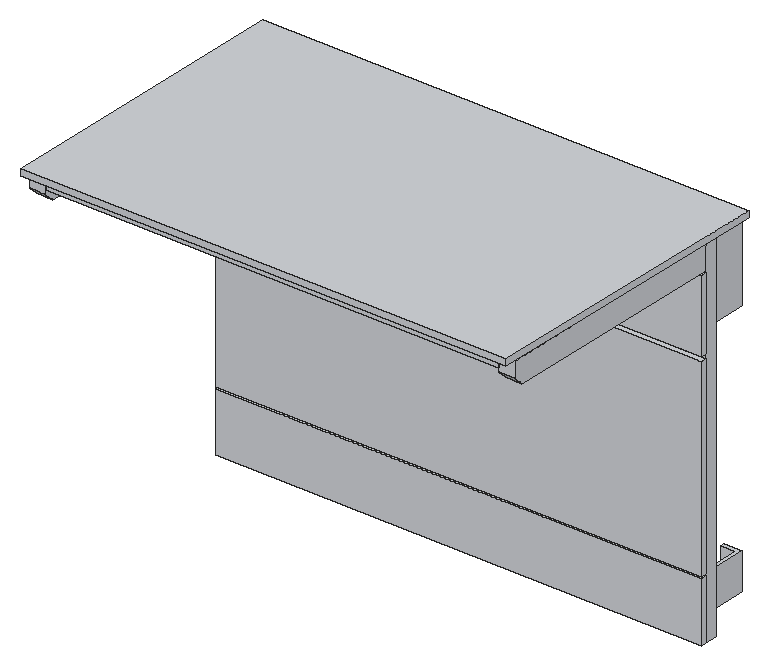
Revit family "BENCH_CANTILEVER", category Furniture, Revit 2021
Family settings
  OmniClass Number = 23.40.20.00
  OmniClass Title = General Furniture and Specialties
  Work Plane-Based = No
  Always vertical = Yes
  Cut with Voids When Loaded = No
  Shared = No
  Room Calculation Point = No
Parameters (values of type "CNB-12759")
  midleg = if(Length > 1500 mm, 1 = 1, 1 = 0)  # no
  depth = 750 mm
  XL_WORKTOP = no
  Worktop_thickness [instance] = 16 mm
  WT_9-75_XL = and(Length = 900 mm, (XL_WORKTOP))  # no
  WT_9-75 = and(Length = 900 mm, not(XL_WORKTOP))  # no
  WT_6-75_XL = and(Length = 600 mm, (XL_WORKTOP))  # no
  WT_6-75 = and(Length = 600 mm, not(XL_WORKTOP))  # no
  WT_15-75_XL = and(Length = 1500 mm, (XL_WORKTOP))  # no
  WT_15-75 = and(Length = 1500 mm, not(XL_WORKTOP))  # no
  WT_12-75_XL = and(Length = 1200 mm, (XL_WORKTOP))  # no
  WT_12-75 = and(Length = 1200 mm, not(XL_WORKTOP))  # yes
  URL = "https://ibr-innovasystem.com/PRODUCTS/BENCHCANTILEVER"
  Manufacturer = "IBR InnovaSystem"
  Length = 1200 mm
  LOW_TAG = if(HEIGHT < 900 mm, 1 = 1, 1 = 0)  # no
  HEIGHT = 900 mm
  FULL_WT = yes
  Description = "Cantilever Bench 1200x750x900"
  Default Elevation = 0 mm
  COVER RIGHT [instance] = no
  ASSEMBLY_ID [instance] = ""
  COVER LEFT [instance] = no
Types (12, lengths in mm): name | depth | WT_9-75 | WT_6-75 | WT_12-75 | URL | Length | LOW_TAG | HEIGHT | Description
  CNB-12759 | 750 | no | no | yes | "https://ibr-innovasystem.com/PRODUCTS/BENCHCANTILEVER" | 1200 | no | 900 | "Cantilever Bench 1200x750x900"
  CNB-12609 | 600 | no | no | yes | "https://ibr-innovasystem.com/PRODUCTS/BENCHCANTILEVER" | 1200 | no | 900 | "Cantilever Bench 1200x600x900"
  CNB-12757 | 750 | no | no | yes | "https://ibr-innovasystem.com/PRODUCTS/BENCHCANTILEVER" | 1200 | yes | 750 | "Cantilever Bench 1200x750x750"
  CNB-12607 | 600 | no | no | yes | "https://ibr-innovasystem.com/PRODUCTS/BENCHCANTILEVER" | 1200 | yes | 750 | "Cantilever Bench 1200x600x750"
  CNB-09759 | 750 | yes | no | no | "https://ibr-innovasystem.com/PRODUCTS/BENCHCANTILEVER" | 900 | no | 900 | "Cantilever Bench 900x750x900"
  CNB-09609 | 600 | yes | no | no | "https://ibr-innovasystem.com/PRODUCTS/BENCHCANTILEVER" | 900 | no | 900 | "Cantilever Bench 900x600x900"
  CNB-09757 | 750 | yes | no | no | "https://ibr-innovasystem.com/PRODUCTS/BENCHCANTILEVER" | 900 | yes | 750 | "Cantilever Bench 900x750x750"
  CNB-09607 | 600 | yes | no | no | "https://ibr-innovasystem.com/PRODUCTS/BENCHCANTILEVER" | 900 | yes | 750 | "Cantilever Bench 900x600x750"
  CNB-06759 | 750 | no | yes | no | "https://ibr-innovasystem.com/PRODUCTS/BENCHCANTILEVER" | 600 | no | 900 | "Cantilever Bench 600x750x900"
  CNB-06609 | 600 | no | yes | no | "https://ibr-innovasystem.com/PRODUCTS/BENCHCANTILEVER" | 600 | no | 900 | "Cantilever Bench 600x600x900"
  CNB-06757 | 750 | no | yes | no | "https://ibr-innovasystem.com/PRODUCTS/BENCHCANTILEVER" | 600 | yes | 750 | "Cantilever Bench 600x750x750"
  CNB-06607 | 600 | no | yes | no | "https://ibr-innovasystem.com/PRODUCTS/BENCHCANTILEVER\r\nhttps://ibr-innovasystem.com/PRODUCTS/BENCHCANTILEVER" | 600 | yes | 750 | "Cantilever Bench 600x600x750"
Reference planes
  plane 1 "Centro (Frontal/Posterior)": y = 0
  plane 2: z = 0
  plane 3 "Centro (Izquierda/Derecha)": x = 0
  plane 4: x = -600
  plane 5: x = 600
  plane 6: y = -375
  plane 7: y = -750
  plane 8: y = -100
  plane 9: y = -720
  plane 10: z = 884
  plane 11: z = 854
  plane 12: z = 900
  plane 13: x = -300
  plane 14: x = -570
  plane 15: x = 570
  plane 16: x = 540
  plane 17: x = -540
  plane 18: y = -130
  plane 19: x = 560
  plane 20: x = -560
  plane 21: z = 634
  plane 22: z = 150
  plane 23: y = -145
  plane 24: z = 684
  plane 25: z = 50
  plane 26: z = 140
Forms (mm)
  Extrusion 1, solid
    sketch origin (0, 0, 0) x (1, 0, 0) y (0, 1, 0)
      loop
        line (-540, -100) -> (-540, -130) -> (540, -130) -> (540, -100) -> (-540, -100)
      loop
        line (-560, -720) -> (560, -720) -> (560, -680) -> (-560, -680) -> (-560, -720)
    from 854 to 884
  Extrusion 2, solid, visible <- "FULL_WT"
    sketch origin (0, 0, 0) x (1, 0, 0) y (0, 1, 0)
      loop
        line (-600, 0) -> (-600, -750) -> (600, -750) -> (600, 0) -> (-600, 0)
    from 884 to 900
  Extrusion 3, solid
    sketch origin (0, 0, 0) x (1, 0, 0) y (0, 0, 1)
      loop
        line (-600, 884) -> (-600, 0) -> (-540, 0) -> (-540, 604) -> (540, 604) -> (540, 0) -> (600, 0) -> (600, 884) -> (540, 884) -> (540, 664) -> (-540, 664) -> (-540, 884) -> (-600, 884)
    from 100 to 130
  Extrusion 4, solid
    sketch origin (0, 0, 0) x (0, 1, 0) y (0, 0, 1)
      loop
        line (-130, 884) -> (-720, 884) -> (-720, 844) -> (-700, 824) -> (-130, 824) -> (-130, 884)
    from -600 to -560
  Extrusion 5, solid
    sketch origin (0, 0, 0) x (0, 1, 0) y (0, 0, 1)
      loop
        line (-130, 824) -> (-130, 884) -> (-720, 884) -> (-720, 844) -> (-700, 824) -> (-130, 824)
    from 560 to 600
  Extrusion 6, solid
    sketch origin (0, 0, 0) x (1, 0, 0) y (0, 0, 1)
      loop
        line (-600, 639) -> (600, 639) -> (600, 819) -> (555, 819) -> (555, 879) -> (-555, 879) -> (-555, 819) -> (-600, 819) -> (-600, 639)
      loop
        line (-600, 629) -> (-600, 152) -> (600, 152) -> (600, 629) -> (-600, 629)
      loop
        line (-600, 0) -> (600, 0) -> (600, 148) -> (-600, 148) -> (-600, 0)
    from 130 to 145
  Extrusion 7, solid
    sketch origin (0, 0, 0) x (1, 0, 0) y (0, 1, 0)
      loop
        line (-585, -100) -> (-575, -100) -> (-575, -10) -> (-540, -10) -> (-540, 0) -> (-585, 0) -> (-585, -100)
      loop
        line (585, -100) -> (585, 0) -> (540, 0) -> (540, -10) -> (575, -10) -> (575, -100) -> (585, -100)
    from 684 to 884
  Extrusion 8, solid
    sketch origin (0, 0, 0) x (1, 0, 0) y (0, 1, 0)
      loop
        line (-540, 0) -> (-585, 0) -> (-585, -100) -> (-575, -100) -> (-575, -10) -> (-540, -10) -> (-540, 0)
      loop
        line (540, 0) -> (540, -10) -> (575, -10) -> (575, -100) -> (585, -100) -> (585, 0) -> (540, 0)
    from 50 to 140
  Extrusion 9, solid, visible <- "COVER LEFT"
    sketch origin (0, 0, 0) x (1, 0, 0) y (0, 1, 0)
      loop
        line (-600, 0) -> (-600, -100) -> (-585, -100) -> (-585, 0) -> (-600, 0)
    from 0 to 884
  Extrusion 10, solid, visible <- "COVER RIGHT"
    sketch origin (40, 0, 0) x (-1, 0, 0) y (0, -1, 0)
      loop
        line (-560, 0) -> (-545, 0) -> (-545, 100) -> (-560, 100) -> (-560, 0)
    from 0 to 884
Lines and regions (mm)
  symbolic lines, style "Furniture"
    curve 1: line (-600, -750, 0) -> (-600, 0, 0)
    curve 2: line (600, 0, 0) -> (-600, 0, 0)
    curve 3: line (600, -750, 0) -> (600, 0, 0)
    curve 4: line (-600, -750, 0) -> (600, -750, 0)
  symbolic lines, style "FurnitureHiddenLines"
    curve 5: line (600, -100, 0) -> (-600, -100, 0)
    curve 6: line (560, -100, 0) -> (560, -720, 0)
    curve 7: line (-560, -100, 0) -> (-560, -720, 0)
Dimensions and locks
  equal spacing: plane 4, plane 3 "Centro (Izquierda/Derecha)", plane 5
  "Length": plane 4 to plane 5
  equal spacing: plane 7, plane 6, plane 1 "Centro (Frontal/Posterior)"
  "depth": plane 1 "Centro (Frontal/Posterior)" to plane 7
  locked: plane 1 "Centro (Frontal/Posterior)" to plane 8 at 100
  locked: plane 9 to plane 7 at 30
  Extrusion 1 sketch curve to plane 8 = 30 mm
  locked: Extrusion 1 sketch curve to plane 9 at 40
  "Worktop_thickness": plane 12 to plane 10
  "HEIGHT": plane 12 to plane 2
  locked: plane 10 to plane 11 at 30
  locked: Extrusion 3 sketch curve to Extrusion 3 sketch curve at 60  (x2)
  locked: plane 5 to Extrusion 3 sketch curve at 60
  locked: plane 11 to Extrusion 3 sketch curve at 250
  locked: plane 4 to plane 13 at 300
  locked: plane 14 to plane 4 at 30
  locked: plane 5 to plane 15 at 30
  locked: plane 16 to plane 5 at 60
  locked: plane 4 to plane 17 at 60
  locked: plane 19 to plane 5 at 40
  locked: plane 4 to plane 20 at 40
  locked: Extrusion 4 sketch curve to plane 9 at 20
  plane 10 to plane 21 = 250 mm
  plane 22 to level = 150 mm
  locked: plane 22 to Extrusion 6 sketch curve at 2
  locked: Extrusion 6 sketch curve to plane 22 at 2
  locked: plane 21 to Extrusion 6 sketch curve at 5
  locked: Extrusion 6 sketch curve to plane 21 at 5
  locked: plane 10 to Extrusion 6 sketch curve at 5
  locked: Extrusion 6 sketch curve to plane 20 at 5
  locked: plane 11 to Extrusion 6 sketch curve at 35  (x2)
  locked: plane 19 to Extrusion 6 sketch curve at 5
  plane 23 to plane 18 = 15 mm
  locked: plane 4 to Extrusion 7 sketch curve at 15
  locked: Extrusion 7 sketch curve to plane 1 "Centro (Frontal/Posterior)" at 10  (x2)
  locked: plane 4 to Extrusion 7 sketch curve at 25
  locked: Extrusion 7 sketch curve to plane 5 at 15
  locked: Extrusion 7 sketch curve to plane 5 at 25
  locked: plane 10 to plane 24 at 200
  locked: plane 26 to plane 25 at 90
  locked: plane 25 to plane 2 at 50
  locked: plane 4 to Extrusion 9 sketch curve at 15
  locked: Extrusion 10 sketch curve to plane 5 at 15
  locked: Extrusion 4 sketch curve to Extrusion 4 sketch curve (angle 135.00°)
  aligned and locked: level to plane 2
  aligned and locked: Extrusion 1 sketch curve to plane 8
  aligned and locked: plane 9 to Extrusion 1 sketch curve
  aligned and locked: plane 1 "Centro (Frontal/Posterior)" to Extrusion 2 sketch curve
  aligned and locked: plane 4 to Extrusion 2 sketch curve
  aligned and locked: plane 7 to Extrusion 2 sketch curve
  aligned and locked: Extrusion 2 sketch curve to plane 5
  aligned and locked: plane 12 to Extrusion 2
  aligned and locked: Extrusion 2 to plane 10
  aligned and locked: plane 8 to Extrusion 3
  aligned and locked: nested 1 to plane 13
  aligned and locked: plane 3 "Centro (Izquierda/Derecha)" to nested 2
  aligned and locked: plane 3 "Centro (Izquierda/Derecha)" to nested 3
  aligned and locked: plane 3 "Centro (Izquierda/Derecha)" to nested 4
  aligned and locked: plane 3 "Centro (Izquierda/Derecha)" to nested 5
  aligned and locked: plane 3 "Centro (Izquierda/Derecha)" to nested 7
  aligned and locked: plane 3 "Centro (Izquierda/Derecha)" to nested 8
  aligned and locked: plane 3 "Centro (Izquierda/Derecha)" to nested 9
  aligned and locked: plane 3 "Centro (Izquierda/Derecha)" to nested 6
  aligned and locked: plane 1 "Centro (Frontal/Posterior)" to nested 5
  aligned and locked: plane 1 "Centro (Frontal/Posterior)" to nested 4
  aligned and locked: plane 1 "Centro (Frontal/Posterior)" to nested 3
  aligned and locked: plane 1 "Centro (Frontal/Posterior)" to nested 2
  aligned and locked: plane 1 "Centro (Frontal/Posterior)" to nested 9
  aligned and locked: plane 1 "Centro (Frontal/Posterior)" to nested 8
  aligned and locked: plane 1 "Centro (Frontal/Posterior)" to nested 7
  aligned and locked: plane 1 "Centro (Frontal/Posterior)" to nested 6
  aligned and locked: level to Extrusion 3 sketch curve
  aligned and locked: Extrusion 3 sketch curve to level
  aligned and locked: plane 20 to Extrusion 1
  aligned and locked: plane 16 to Extrusion 1
  aligned and locked: Extrusion 1 to plane 17
  aligned and locked: plane 10 to Extrusion 1
  aligned and locked: Extrusion 1 to plane 11
  aligned and locked: Extrusion 4 to plane 4
  aligned and locked: plane 20 to Extrusion 4
  aligned and locked: Extrusion 5 sketch curve to Extrusion 4  (x5)
  aligned and locked: plane 5 to Extrusion 5
  aligned and locked: Extrusion 5 to plane 19
  aligned and locked: Extrusion 3 sketch curve to plane 10  (x2)
  aligned and locked: plane 5 to Extrusion 6 sketch curve  (x2)
  aligned and locked: plane 4 to Extrusion 6 sketch curve  (x2)
  aligned and locked: Extrusion 6 sketch curve to plane 5
  aligned and locked: Extrusion 6 to plane 18
  aligned and locked: Extrusion 6 to plane 23
  aligned and locked: plane 17 to Extrusion 7 sketch curve
  aligned and locked: plane 1 "Centro (Frontal/Posterior)" to Extrusion 7 sketch curve
  aligned and locked: plane 8 to Extrusion 7 sketch curve
  aligned and locked: plane 10 to Extrusion 7
  aligned and locked: Extrusion 7 to plane 24
  aligned and locked: Extrusion 8 sketch curve to Extrusion 7  (x12)
  aligned and locked: plane 26 to Extrusion 8
  aligned and locked: Extrusion 8 to plane 25
  aligned and locked: plane 17 to nested 10
  aligned and locked: plane 8 to Extrusion 9 sketch curve
  aligned and locked: plane 10 to Extrusion 9
  aligned and locked: Extrusion 9 to level
  aligned and locked: Extrusion 10 to plane 1 "Centro (Frontal/Posterior)"
  aligned and locked: Extrusion 10 to plane 8
  aligned and locked: plane 5 to Extrusion 10
  aligned and locked: plane 10 to Extrusion 10
  aligned and locked: plane 16 to nested 11
Automatic sketch dimensions
  Extrusion 1 sketch curve to plane 20 = 0 mm
  Extrusion 1 sketch curve to plane 17 = 0 mm
  Extrusion 1 sketch curve to plane 16 = 0 mm
  Extrusion 1 sketch curve to plane 19 = 0 mm
  Extrusion 3 sketch curve to plane 4 = 0 mm
  Extrusion 3 sketch curve to plane 17 = 0 mm
  Extrusion 3 sketch curve to plane 16 = 0 mm
  Extrusion 3 sketch curve to plane 5 = 0 mm
  Extrusion 4 sketch curve to plane 9 = 0 mm
  Extrusion 4 sketch curve to plane 10 = 0 mm
  Extrusion 4 sketch curve to plane 18 = 0 mm
  Extrusion 4 sketch curve to plane 11 = 10 mm
  Extrusion 6 sketch curve to plane 4 = 0 mm
  Extrusion 6 sketch curve to level = 0 mm
  Extrusion 7 sketch curve to plane 16 = 0 mm
  Extrusion 7 sketch curve to plane 8 = 0 mm
  plane 1 "Centro (Frontal/Posterior)" to Extrusion 7 sketch curve = 0 mm
  Extrusion 9 sketch curve to plane 4 = 0 mm
  plane 1 "Centro (Frontal/Posterior)" to Extrusion 9 sketch curve = 0 mm
  plane 5 to Extrusion 10 sketch curve = 0 mm
  Extrusion 10 sketch curve to plane 8 = 0 mm
  plane 1 "Centro (Frontal/Posterior)" to Extrusion 10 sketch curve = 0 mm
  plane 1 "Centro (Frontal/Posterior)" to curve 1 = 0 mm
  curve 1 to plane 4 = 0 mm
  curve 7 to plane 9 = 0 mm
  curve 7 to plane 20 = 0 mm
  curve 6 to plane 19 = 0 mm
  curve 3 to plane 5 = 0 mm
  curve 1 to plane 7 = 0 mm
  curve 6 to plane 9 = 0 mm
  curve 7 to plane 8 = 0 mm
Nested families
  nested 1: "CHAIR_TAG" at (-300, -471.301, 0), visible <- "LOW_TAG", type "CHAIR_TAG"
  nested 2: "WT-SERIES" at (0, 0, 0), depth <- "depth", length <- "Length", extra <- "XL_WORKTOP", type "WT-BHLL-0675-Q-01", not visible
    with length 1200 mm, extra no, depth 750 mm
  nested 3: "WT-SERIES" at (0, 0, 0), depth <- "depth", length <- "Length", extra <- "XL_WORKTOP", type "WT-BHLL-0975-Q-01", not visible
    with length 1200 mm, extra no, depth 750 mm
  nested 4: "WT-SERIES" at (0, 0, 0), depth <- "depth", length <- "Length", extra <- "XL_WORKTOP", type "WT-BHLL-1275-Q-01", not visible
    with length 1200 mm, extra no, depth 750 mm
  nested 5: "WT-SERIES" at (0, 0, 0), depth <- "depth", length <- "Length", extra <- "XL_WORKTOP", type "WT-BHLL-1575-Q-01", not visible
    with length 1200 mm, extra no, depth 750 mm
  nested 6: "WT-SERIES" at (0, 0, 0), depth <- "depth", length <- "Length", extra <- "XL_WORKTOP", type "WT-BHLL-1875-Q-01", not visible
    with length 1200 mm, extra no, depth 750 mm
  nested 7: "WT-SERIES" at (0, 0, 0), depth <- "depth", length <- "Length", extra <- "XL_WORKTOP", type "WT-BHLL-0975-Q-01", not visible
    with length 1200 mm, extra no, depth 750 mm
  nested 8: "WT-SERIES" at (0, 0, 0), depth <- "depth", length <- "Length", extra <- "XL_WORKTOP", type "WT-BHLL-1275-Q-01", not visible
    with length 1200 mm, extra no, depth 750 mm
  nested 9: "WT-SERIES" at (0, 0, 0), depth <- "depth", length <- "Length", extra <- "XL_WORKTOP", type "WT-BHLL-1575-Q-01", not visible
    with length 1200 mm, extra no, depth 750 mm
  nested 10: "CANTILEVER_SIDE_COVER" at (-580, -15, 0), visible <- "COVER LEFT", ASSEMBLY_ID <- "ASSEMBLY_ID", type "CANTILEVER SIDE COVER"
    with ASSEMBLY_ID ""
  nested 11: "CANTILEVER_SIDE_COVER" at (580, -15, 0) x (-1, 0, 0) z (0, 0, 1), visible <- "COVER RIGHT", ASSEMBLY_ID <- "ASSEMBLY_ID", type "CANTILEVER SIDE COVER"
    with ASSEMBLY_ID ""
Definition of nested family "CHAIR_TAG"
  Parameters (values of type "CHAIR_TAG")
    GAS TEXT = "LOW"
  Reference planes
    plane 1: y = 0
    plane 2: x = 0
  Text (mm)
    label "Xx" at (0.338, 0.689, 0), shows "GAS TEXT"
Definition of nested family "WT-SERIES"
  Parameters (values of type "WT-BHLL-1875-Q-01")
    length [instance] = 1714.076 mm
    extra [instance] = no
    depth [instance] = 840 mm
    Manufacturer = "BenchTech"
    Description = "HPL Chem Res. Worktop for BHLL 1800x750"
    Default Elevation = 0 mm
  Types (5, lengths in mm): name | Description
    WT-BHLL-0675-Q-01 | "HPL Chem Res. Worktop for BHLL 600x750"
    WT-BHLL-0975-Q-01 | "HPL Chem Res. Worktop for BHLL 900x750"
    WT-BHLL-1275-Q-01 | "HPL Chem Res. Worktop for BHLL 1200x750"
    WT-BHLL-1575-Q-01 | "HPL Chem Res. Worktop for BHLL 1500x750"
    WT-BHLL-1875-Q-01 | "HPL Chem Res. Worktop for BHLL 1800x750"
  Reference planes
    plane 1 "Center (Front/Back)": y = 0
    plane 2: z = 0
    plane 3 "Center (Left/Right)": x = 0
    plane 4: x = -857.038
    plane 5: x = 857.038
    plane 6: y = -840
    plane 7: x = 757.038
    plane 8: y = -740
  Lines and regions (mm)
    symbolic lines
      curve 1: line (-842.038, -15, 0) -> (842.038, -15, 0)
      curve 2: line (-842.038, -825, 0) -> (-842.038, -15, 0)
      curve 3: line (842.038, -825, 0) -> (-842.038, -825, 0)
      curve 4: line (842.038, -15, 0) -> (842.038, -825, 0)
    symbolic lines, visible <- "extra"
      curve 5: line (667.038, -740, 0) -> (757.038, -740, 0)
      curve 6: line (757.038, -740, 0) -> (757.038, -639.775, 0)
  Dimensions and locks
    "length": plane 4 to plane 5
    equal spacing: plane 4, plane 3 "Center (Left/Right)", plane 5
    "depth": plane 6 to plane 1 "Center (Front/Back)"
    plane 7 to plane 5 = 100 mm
    plane 8 to plane 6 = 100 mm
    aligned and locked: level to plane 2
  Automatic sketch dimensions
    curve 6 to plane 7 = 0 mm
    plane 4 to curve 2 = 15 mm
    curve 3 to plane 5 = 15 mm
    plane 6 to curve 3 = 15 mm
    plane 1 "Center (Front/Back)" to curve 2 = 15 mm
    curve 5 to plane 8 = 0 mm
    curve 5 to curve 6 = 100.225 mm
    curve 5 to curve 5 = 90 mm
Definition of nested family "CANTILEVER_SIDE_COVER"
  Parameters (values of type "CANTILEVER SIDE COVER")
    Description = "Metal sheet dropper from ceiling to sink worktop. 300x100x(free height)"
    Default Elevation = 0 mm
    ASSEMBLY_ID [instance] = ""
  Reference planes
    plane 1 "Center (Front/Back)": y = 0
    plane 2: z = 0
    plane 3 "Center (Left/Right)": x = 0
  Lines and regions (mm)
    symbolic lines
      curve 1: line (0, 0, 0) -> (0, -65, 0)
      curve 2: line (0, 0, 0) -> (40, 0, 0)
      curve 3: line (0, -65, 0) -> (40, -65, 0)
  Dimensions and locks
    aligned and locked: level to plane 2
